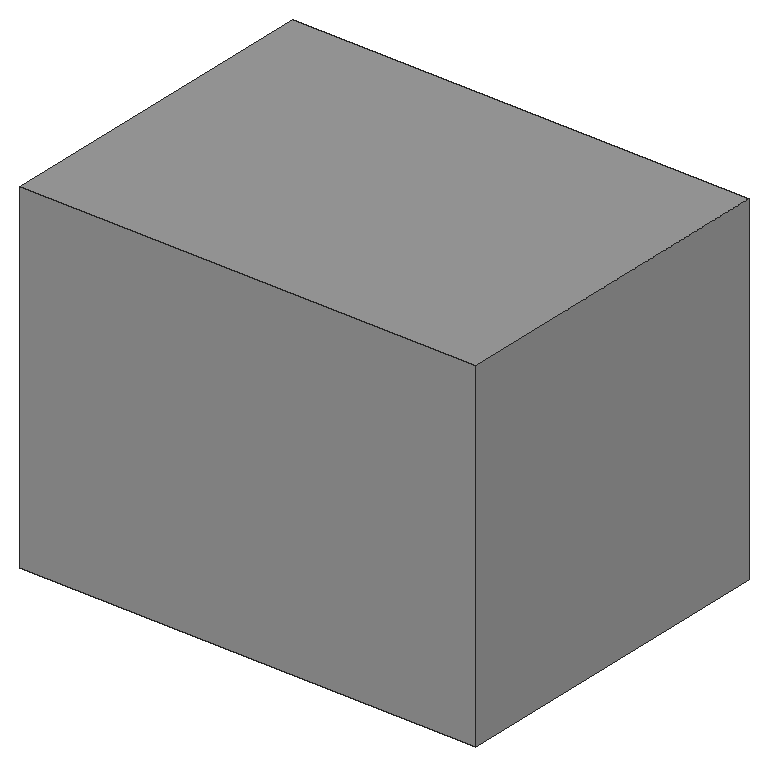
Revit family "Pull Box", category Electrical Fixtures, Revit 2022
Family settings
  Round Connector Dimension = Use Diameter
  Part Type = Normal
  OmniClass Number = 23.80.00.00
  OmniClass Title = Electric Power and Lighting
  Work Plane-Based = No
  Always vertical = Yes
  Cut with Voids When Loaded = No
  Maintain Annotation Orientation = No
  Shared = No
  Room Calculation Point = No
Parameters
  SubSquare [instance] = 40 mm
  LargeSquare [instance] = 200 mm
  Default Elevation = 0 mm
Reference planes
  plane 1 "Center (Front/Back)": y = 0
  plane 2: z = 0
  plane 3 "Center (Left/Right)": x = 0
  plane 4: y = 15
  plane 5: y = -15
  plane 6: x = -20
  plane 7: x = 20
Forms (mm)
  Extrusion 1, solid, material "Default"
    sketch origin (0, 0, 0) x (1, 0, 0) y (0, 1, 0)
      loop
        line (-20, 15) -> (-20, -15) -> (20, -15) -> (20, 15) -> (-20, 15)
    from 0 to 30
Lines and regions (mm)
  reference lines
    curve 1: line (276.153, 0, 30) -> (-308.847, 0, 30)
  model lines, style "Pull Box Line"
    curve 2: line (-20, 15, 0) -> (20, -15, 0)
    curve 3: line (20, 15, 0) -> (-20, -15, 0)
Dimensions and locks
  equal spacing: plane 6, plane 3 "Center (Left/Right)", plane 7
  "SubSquare": plane 6 to plane 7
  equal spacing: plane 4, plane 1 "Center (Front/Back)", plane 5
  aligned and locked: level to plane 2
  aligned and locked: Extrusion 1 sketch curve to plane 4
  aligned and locked: plane 6 to Extrusion 1 sketch curve
  aligned and locked: plane 5 to Extrusion 1 sketch curve
  aligned and locked: Extrusion 1 sketch curve to plane 7
  aligned and locked: Extrusion 1 to curve 1
Automatic sketch dimensions
  curve 3 to plane 5 = 0 mm
  curve 3 to plane 6 = 0 mm
  curve 2 to plane 4 = 0 mm
  curve 2 to plane 6 = 0 mm
  curve 3 to plane 4 = 0 mm
  curve 3 to plane 7 = 0 mm
  curve 2 to plane 5 = 0 mm
  curve 2 to plane 7 = 0 mm
  level to curve 1 = 30 mm
  curve 1 to plane 6 = 288.847 mm
  plane 7 to curve 1 = 256.153 mm
Connectors
  cabletrayconduit at (0, 0, 30), diameter 16
    settings: on Extrusion 1, index 1, connector width 300 mm, connector height 300 mm, connector angle 0.00°, system type 32, placement type 0, profile type 0, connector reference index -1, is primary connector yes, connector utility param no, connector description "Top"
  cabletrayconduit at (0, 15, 15), diameter 16
    settings: on Extrusion 1, index 2, connector width 300 mm, connector height 300 mm, connector angle 0.00°, system type 32, placement type 0, profile type 0, connector reference index -1, is primary connector no, connector utility param no, connector description "Back"
  cabletrayconduit at (0, -15, 15), diameter 16
    settings: on Extrusion 1, index 3, connector width 300 mm, connector height 300 mm, connector angle 0.00°, system type 32, placement type 0, profile type 0, connector reference index -1, is primary connector no, connector utility param no, connector description "Front"
  cabletrayconduit at (-20, 0, 15), diameter 16
    settings: on Extrusion 1, index 4, connector width 300 mm, connector height 300 mm, connector angle 0.00°, system type 32, placement type 0, profile type 0, connector reference index -1, is primary connector no, connector utility param no, connector description "Left"
  cabletrayconduit at (20, 0, 15), diameter 16
    settings: on Extrusion 1, index 5, connector width 300 mm, connector height 300 mm, connector angle 0.00°, system type 32, placement type 0, profile type 0, connector reference index -1, is primary connector no, connector utility param no, connector description "Right"
  cabletrayconduit at (0, 0, 0), diameter 16
    settings: on Extrusion 1, index 6, connector width 300 mm, connector height 300 mm, connector angle 0.00°, system type 32, placement type 0, profile type 0, connector reference index -1, is primary connector no, connector utility param no, connector description "Bottom"
